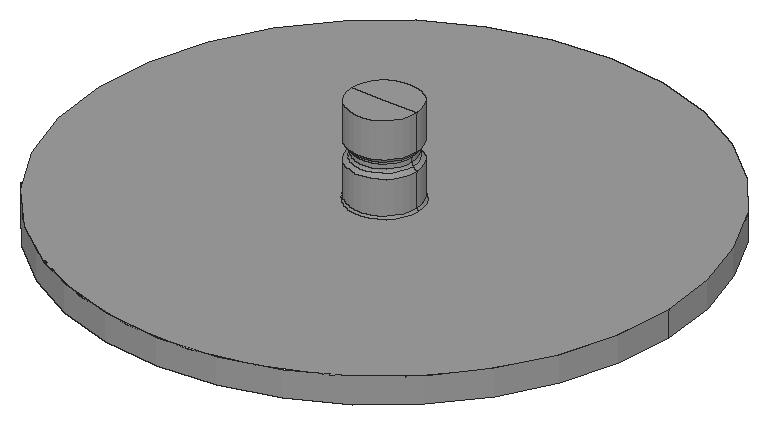
Revit family "DUCHA FIJA 250MM BRONZE", category Plumbing Fixtures, Revit 2019
Family settings
  Round Connector Dimension = Use Diameter
  Part Type = Normal
  OmniClass Number = 23.45.00.00
  OmniClass Title = Sanitary, Laundry, and Cleaning Equipment
  Work Plane-Based = No
  Always vertical = Yes
  Cut with Voids When Loaded = No
  Shared = No
  Room Calculation Point = No
Reference planes
  plane 1 "Center (Front/Back)": y = 0
  plane 2: z = 0
  plane 3 "Center (Left/Right)": x = 0
Forms (mm)
  Revolve 1, solid
    sketch origin (0, 0, 0) x (1, 0, 0) y (0, 0, -1)
      loop
        line (326, -899) -> (326, -934) -> (339, -934) -> (339, -920) -> (337.333, -918.333)
        arc (337.333, -918.333) -> (337.087, -917.964) -> (337, -917.529) r 1.138
        line (337, -917.529) -> (337, -915.817)
        arc (337, -915.817) -> (337.15, -915.062) -> (337.578, -914.422) r 1.973
        line (337.578, -914.422) -> (339, -913) -> (339, -900) -> (339.605, -899) -> (326, -899)
      axis (326, -899) -> (326, -934)
    angle from 0 to 360
  Extrusion 2, solid
    sketch origin (0, 0, 0) x (1, 0, 0) y (0, 1, 0)
      loop
        circle (326, 0) r 114
    from 888.768 to 899
  Extrusion 3, solid
    sketch origin (0, 0, 0) x (1, 0, 0) y (0, 1, 0)
      loop
        circle (326, -100) r 3
      loop
        circle (426, 0) r 3
      loop
        circle (326, 100) r 3
      loop
        circle (226, 0) r 3
      loop
        circle (326, -80) r 3
      loop
        circle (326, -60) r 3
      loop
        circle (326, -40) r 3
      loop
        circle (246, 0) r 3
      loop
        circle (266, 0) r 3
      loop
        circle (286, 0) r 3
      loop
        circle (326, 80) r 3
      loop
        circle (326, 60) r 3
      loop
        circle (326, 40) r 3
      loop
        circle (406, 0) r 3
      loop
        circle (386, 0) r 3
      loop
        circle (366, 0) r 3
    from 883.617 to 888.768
  Extrusion 4, solid
    sketch origin (0, 0, 0) x (1, 0, 0) y (0, 1, 0)
      loop
        circle (255.321, 70.679) r 3
      loop
        circle (269.463, 56.537) r 3
      loop
        circle (283.605, 42.395) r 3
      loop
        circle (299.837, 26.163) r 3
      loop
        circle (396.679, 70.679) r 3
      loop
        circle (382.537, 56.537) r 3
      loop
        circle (368.395, 42.395) r 3
      loop
        circle (352.163, 26.163) r 3
      loop
        circle (396.679, -70.679) r 3
      loop
        circle (382.537, -56.537) r 3
      loop
        circle (368.395, -42.395) r 3
      loop
        circle (352.163, -26.163) r 3
      loop
        circle (255.321, -70.679) r 3
      loop
        circle (269.463, -56.537) r 3
      loop
        circle (283.605, -42.395) r 3
      loop
        circle (299.837, -26.163) r 3
    from 883.617 to 888.768
Dimensions and locks
  aligned and locked: plane 2 to level
